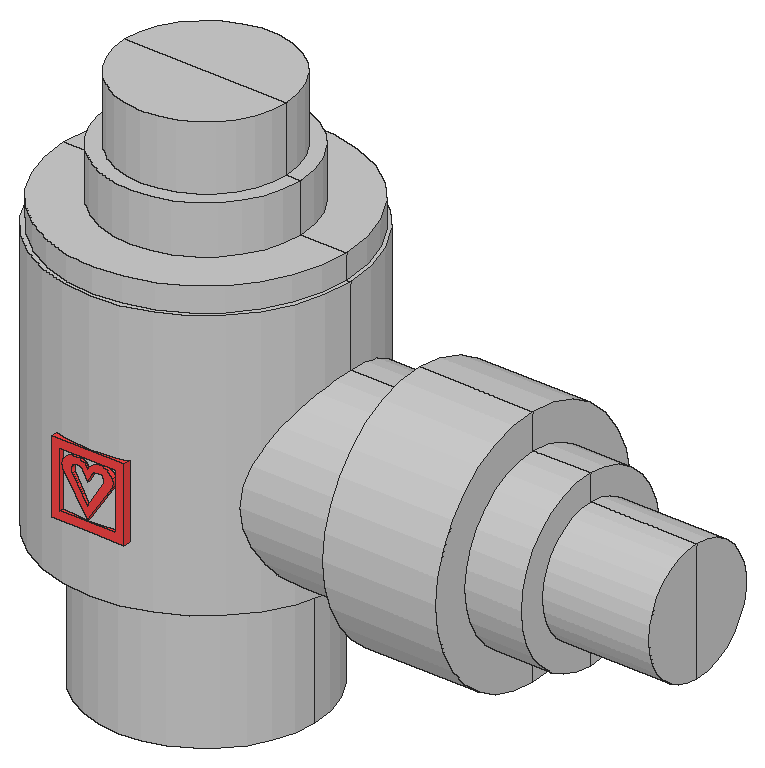
Revit family "Клапан для отключения радиатора с высокой пропускной способностью HERZ-RL-1-E, угловой 3724", category Rohrzubehör, Revit 2020
Family settings
  Bemaßung runder Anschluss = Durchmesser verwenden
  Teiletyp = Unterbricht
  OmniClass-Nummer = 23.65.55.14
  OmniClass-Titel = Valves for Liquid Services
  Arbeitsebenenbasiert = Nein
  Immer vertikal = Nein
  Beim Laden mit Abzugskörper schneiden = Nein
  Gemeinsam genutzt = Nein
Parameters
  Среда = "Качество воды в соответствии с ÖNORM H 5195 или директивой VDI 2035."
  Область применения = "Система водяного отопления. С помощью установки радиаторных запорных клапанов возможно осуществить перекрытие обратного потока нагревательных приборов. При одновременном перекрытии с клапаном на подающем трубопроводе возможен демонтаж радиатора в системе, которая находится под давлением."
  Номер заказа [instance] = size_lookup("3724_1E_", "Artnr", 0, Nennweite)  # 1372401
  Макс. рабочее давление = 1000000.0 Pa  # constant formula
  Макс. рабочая температура = 120 °C  # constant formula
  Корпус = "Никелированная латунь"  # constant formula
  Исполнение = "Стандартные модели с резьбовой муфтой в никелированном исполнении."
  W01 = 120.00°  # constant formula
  Vorgabe-Ansicht = 0.000 mm
  URL = "www.herz-armaturen.ru"
  SCRNSEQ = "ARM;ARM_TYP=\"ALLF\";2"
  SCRNCODE = "05;01;02"  # constant formula
  S04 = 45.000 mm  # constant formula
  S03 [instance] = H02 - 5.000 mm + 41.000 mm  # 57.500 mm
  S02 [instance] = L04 + L03 - L02  # 26.800 mm
  S01 = 10.000 mm  # constant formula
  R04 = 10.000 mm  # constant formula
  R03 = 11.750 mm  # constant formula
  R02 = 17.500 mm  # constant formula
  Nennweite [instance] = 15.000 mm
  LO1 [instance] = R01 - 0.500 mm  # 17.500 mm
  L05 = 19.500 mm  # constant formula
  L04 [instance] = size_lookup("3724_1E_", "L4", 1.000 mm, Nennweite)  # 20.300 mm
  L03 [instance] = size_lookup("3724_1E_", "L3", 1.000 mm, Nennweite)  # 14.000 mm
  L02 [instance] = size_lookup("3724_1E_", "L2", 1.000 mm, Nennweite)  # 7.500 mm
  L01 [instance] = size_lookup("3724_1E_", "L1", 1.000 mm, Nennweite)  # 34.000 mm
  Hersteller = "HERZ Armaturen Ges.m.b.H."  # constant formula
  H06 = 14.000 mm  # constant formula
  H05 = 8.000 mm  # constant formula
  H04 = 17.000 mm  # constant formula
  H03 [instance] = H01 - D03  # 17.250 mm
  H02 [instance] = size_lookup("3724_1E_", "H2", 1.000 mm, Nennweite) - 5.000 mm  # 21.500 mm
  H01 [instance] = size_lookup("3724_1E_", "H1", 1.000 mm, Nennweite)  # 29.000 mm
  GT1 [instance] = size_lookup("3724_1E_", "GT1", 1.000 mm, Nennweite)  # 13.200 mm
  GT [instance] = size_lookup("3724_1E_", "GT", 1.000 mm, Nennweite)  # 12.300 mm
  G2 [instance] = Nennweite / 2  # 7.500 mm
  G1 [instance] = Nennweite / 2  # 7.500 mm
  R01 = 18.000 mm  # constant formula
  D05 [instance] = size_lookup("3724_1E_", "D5", 1.000 mm, Nennweite)  # 10.650 mm
  D04 [instance] = size_lookup("3724_1E_", "D4", 1.000 mm, Nennweite)  # 15.000 mm
  D03 [instance] = size_lookup("3724_1E_", "D3", 1.000 mm, Nennweite)  # 11.750 mm
  D02 [instance] = size_lookup("3724_1E_", "D2", 1.000 mm, Nennweite)  # 9.525 mm
  D01 [instance] = size_lookup("3724_1E_", "D1", 1.000 mm, Nennweite)  # 13.500 mm
Reference planes
  plane 1 "Mitte (Vorne/hinten)": y = 0
  plane 2: z = 0
  plane 3 "Mitte (Links/rechts)": x = 0
Forms (mm)
  Revolve 1, solid, material "Messing, weicher Gelbton, geschweißt", detail levels fine
    sketch origin (0, 0, 0) x (1, 0, 0) y (0, 0, 1)
      loop
        line (0, 21.5) -> (-18, 21.5) -> (-18, -11.75) -> (-13.5, -11.75) -> (-13.5, -29) -> (-7.5, -29) -> (-7.5, -16.7) -> (0, -16.7) -> (0, 21.5)
      axis (0, 21.5) -> (0, -29)
    angle from 0 to 360
  Revolve 2, solid, material "Messing, weicher Gelbton, geschweißt", detail levels fine
    sketch origin (0, 0, 0) x (1, 0, 0) y (0, 0, 1)
      loop
        line (34, 0) -> (34, 9.525) -> (26.5, 9.525) -> (26.5, 11.75) -> (0, 11.75) -> (0, 0) -> (34, 0)
      axis (0, 0) -> (34, 0)
    angle from 0 to 360
  Revolve 3, solid, material "Messing, weicher Gelbton, geschweißt", detail levels fine
    sketch origin (-1, 0, 0) x (1, 0, 0) y (0, 0, 1)
      loop
        line (35, 0) -> (61.8, 0) -> (61.8, 7.5) -> (48.6, 7.5) -> (48.6, 10.65) -> (41.5, 10.65) -> (41.5, 15) -> (27.5, 15) -> (27.5, 9.525) -> (35, 9.525) -> (35, 0)
      axis (27.5, 0) -> (61.8, 0)
    angle from 0 to 360
  Revolve 4, solid, material "Messing, weicher Gelbton, geschweißt", detail levels fine
    sketch origin (0, 0, 0) x (1, 0, 0) y (0, 0, 1)
      loop
        line (0, 21.5) -> (0, 38.5) -> (-10, 38.5) -> (-10, 30.5) -> (-11.75, 30.5) -> (-11.75, 24.5) -> (-17.5, 24.5) -> (-17.5, 21.5) -> (0, 21.5)
      axis (0, 38.5) -> (0, 21.5)
    angle from 0 to 360
Lines and regions (mm)
  model lines, detail levels coarse+medium
    curve 1: line (0, 0, 0) -> (13.5, 0, -29)
    curve 2: line (13.5, 0, -29) -> (-13.5, 0, -29)
    curve 3: line (-13.5, 0, -29) -> (0, 0, 0)
    curve 4: line (0, 0, 0) -> (34, 0, 15)
    curve 5: line (34, 0, 15) -> (34, 0, -15)
    curve 6: line (34, 0, -15) -> (0, 0, 0)
    curve 7: line (34, 0, 15) -> (44, 0, 15)
    curve 8: line (44, 0, 15) -> (34, 0, 0)
    curve 9: line (34, 0, -15) -> (44, 0, -15)
    curve 10: line (44, 0, -15) -> (34, 0, 0)
    curve 11: line (34, 0, 0) -> (60.8, 0, 0)
    curve 12: line (0, 0, 0) -> (13.5, -29, 0)
    curve 13: line (13.5, -29, 0) -> (-13.5, -29, 0)
    curve 14: line (-13.5, -29, 0) -> (0, 0, 0)
    curve 15: line (0, 0, 0) -> (34, 15, 0)
    curve 16: line (34, 15, 0) -> (34, -15, 0)
    curve 17: line (34, -15, 0) -> (0, 0, 0)
    curve 18: line (34, 15, 0) -> (44, 15, 0)
    curve 19: line (44, 15, 0) -> (34, 0, 0)
    curve 20: line (34, -15, 0) -> (44, -15, 0)
    curve 21: line (34, 0, 0) -> (44, -15, 0)
Dimensions and locks
  "H02": Revolve 1 sketch curve to plane 2
  "H01": plane 2 to Revolve 1 sketch curve
  "R01": Revolve 1 sketch curve to Revolve 1 sketch curve
  "G1": Revolve 1 sketch curve to Revolve 1 sketch curve
  "D01": Revolve 1 sketch curve to Revolve 1 sketch curve
  "GT": Revolve 1 sketch curve to Revolve 1 sketch curve
  "H03": Revolve 1 sketch curve to Revolve 1 sketch curve
  "L02": Revolve 2 sketch curve to Revolve 2 sketch curve
  "LO1": nested 1 to plane 1 "Mitte (Vorne/hinten)"
  "L02": Revolve 3 sketch curve to Revolve 3 sketch curve
  "L03": Revolve 3 sketch curve to Revolve 3 sketch curve
  "L04": Revolve 3 sketch curve to Revolve 3 sketch curve
  "D04": Revolve 3 sketch curve to Revolve 3 sketch curve
  "G2": Revolve 3 sketch curve to Revolve 3 sketch curve
  "D05": Revolve 3 sketch curve to Revolve 3 sketch curve
  "GT1": Revolve 3 sketch curve to Revolve 3 sketch curve
  "L01": plane 3 "Mitte (Links/rechts)" to Revolve 3 sketch curve
  "D02": Revolve 3 sketch curve to plane 2
  "H01": plane 2 to curve 2
  "L01": curve 5 to plane 3 "Mitte (Links/rechts)"
  "D01": curve 2 to plane 3 "Mitte (Links/rechts)" to curve 3
  "D04": curve 5 to plane 2 to curve 6
  "S01": curve 5 to curve 8
  "S01": curve 5 to curve 10
  "S02": curve 11 to curve 11
  "H01": curve 13 to plane 1 "Mitte (Vorne/hinten)"
  "D01": curve 14 to plane 3 "Mitte (Links/rechts)" to curve 13
  "L01": plane 3 "Mitte (Links/rechts)" to curve 16
  "D04": curve 17 to plane 1 "Mitte (Vorne/hinten)" to curve 16
  "S01": curve 16 to curve 19
  "S01": curve 16 to curve 21
  "L01": Revolve 2 sketch curve to plane 3 "Mitte (Links/rechts)"
  "D03": Revolve 2 sketch curve to plane 2
  "D02": Revolve 2 sketch curve to plane 2
  "H02": Revolve 4 sketch curve to plane 2
  "H04": Revolve 4 sketch curve to Revolve 4 sketch curve
  "H05": Revolve 4 sketch curve to Revolve 4 sketch curve
  "H06": Revolve 4 sketch curve to Revolve 4 sketch curve
  "R04": Revolve 4 sketch curve to Revolve 4 sketch curve
  "R03": Revolve 4 sketch curve to Revolve 4 sketch curve
  "R02": Revolve 4 sketch curve to Revolve 4 sketch curve
  aligned and locked: level to plane 2
Automatic sketch dimensions
  curve 4 to level = 0.000 mm
  curve 4 to plane 3 "Mitte (Links/rechts)" = 0.000 mm
  curve 11 to level = 0.000 mm
  curve 8 to level = 0.000 mm
  plane 1 "Mitte (Vorne/hinten)" to curve 14 = 0.000 mm
  curve 14 to plane 3 "Mitte (Links/rechts)" = 0.000 mm
  plane 1 "Mitte (Vorne/hinten)" to curve 19 = 0.000 mm
  Revolve 1 sketch curve to plane 3 "Mitte (Links/rechts)" = 0.000 mm  (x2)
  Revolve 1 sketch curve to Revolve 1 sketch curve = 345.545 mm
  Revolve 1 sketch curve to Revolve 1 sketch curve = 2189.815 mm
  Revolve 2 sketch curve to level = 0.000 mm  (x2)
  Revolve 2 sketch curve to plane 3 "Mitte (Links/rechts)" = 0.000 mm
  Revolve 2 sketch curve to plane 3 "Mitte (Links/rechts)" = 1506.530 mm
  Revolve 2 sketch curve to Revolve 2 sketch curve = 1815.148 mm
  Revolve 3 sketch curve to level = 0.000 mm  (x2)
  Revolve 3 sketch curve to plane 3 "Mitte (Links/rechts)" = 1507.530 mm
  Revolve 3 sketch curve to Revolve 3 sketch curve = 1789.648 mm
  Revolve 4 sketch curve to plane 3 "Mitte (Links/rechts)" = 0.000 mm  (x2)
  Revolve 4 sketch curve to level = 366.045 mm
  Revolve 4 sketch curve to Revolve 4 sketch curve = 2164.815 mm
Nested families
  nested 1: "Herz-Logo-vorne" at (0, -17.5, 0) x (0, -1, 0) z (0, 0, 1), type "Herz-Logo-vorne", detail levels fine
Connectors
  piping at (0, 0, -16.7), diameter 15, driven by "Nennweite"
    settings: on Revolve 1, index 1, connector inside diameter 609.6 mm, connector length 0.000 mm, flow factor 0, pipe flow 0.0 L/s, pressure drop 0.0 Pa, fitting loss kfactor 0, connector angle 0.00°, fixture units 0, engagement length 0.000 mm, angle of deflection 0.00°, flow configuration 0, flow direction 1, fitting loss method 0, system type 8, joint type 0, gender type 0, connector reference index -1, connector utility 0, adjustable connector no, is connector primary yes, connector description ""
  piping at (60.8, 0, 0), diameter 15, driven by "Nennweite"
    settings: on Revolve 3, index 2, connector inside diameter 609.6 mm, connector length 0.000 mm, flow factor 0, pipe flow 0.0 L/s, pressure drop 0.0 Pa, fitting loss kfactor 0, connector angle 0.00°, fixture units 0, engagement length 0.000 mm, angle of deflection 0.00°, flow configuration 0, flow direction 2, fitting loss method 0, system type 8, joint type 0, gender type 0, connector reference index -1, connector utility 0, adjustable connector no, is connector primary no, connector description ""
Definition of nested family "Herz-Logo-vorne"
  Parameters (values of type "Herz-Logo-vorne")
    Default Elevation = 0.000 mm
  Reference planes
    plane 1 "Mitte (Vorne/hinten)": y = 0
    plane 2: z = 0
    plane 3 "Mitte (Links/rechts)": x = 0
  Forms (mm)
    Extrusion 1, solid
      sketch origin (0.732, -0.018, 0.017) x (0, -1, 0) y (0, 0, 1)
        loop
          line (-0.018, -4.517) -> (4.482, -4.517) -> (4.482, 4.483) -> (-4.518, 4.483) -> (-4.518, -4.517) -> (-0.018, -4.517)
        loop
          line (-0.05, -3.48) -> (3.482, -3.48) -> (3.482, 3.483) -> (-3.518, 3.483) -> (-3.518, -3.48) -> (-0.05, -3.48)
        loop
          arc (-0.018, 2.383) -> (-1.543, 3.287) -> (-3.067, 2.383) r 1.738
          arc (-3.067, 2.383) -> (-3.191, 1.899) -> (-3.067, 1.415) r 1.009
          line (-3.067, 1.415) -> (-0.018, -3.281) -> (3.032, 1.415)
          arc (3.032, 1.415) -> (3.156, 1.899) -> (3.032, 2.383) r 1.009
          arc (3.032, 2.383) -> (1.507, 3.287) -> (-0.018, 2.383) r 1.738
        loop
          arc (1.885, 1.272) -> (2.005, 1.675) -> (1.885, 2.079) r 0.74
          arc (1.885, 2.079) -> (1.265, 2.416) -> (0.644, 2.079) r 0.74
          line (0.644, 2.079) -> (-0.018, 0.97) -> (-0.679, 2.079)
          arc (-0.679, 2.079) -> (-1.3, 2.416) -> (-1.921, 2.079) r 0.74
          arc (-1.921, 2.079) -> (-2.04, 1.675) -> (-1.921, 1.272) r 0.74
          line (-1.921, 1.272) -> (-0.018, -1.658) -> (1.885, 1.272)
      from 0 to 1.5
  Dimensions and locks
    aligned and locked: level to plane 2
